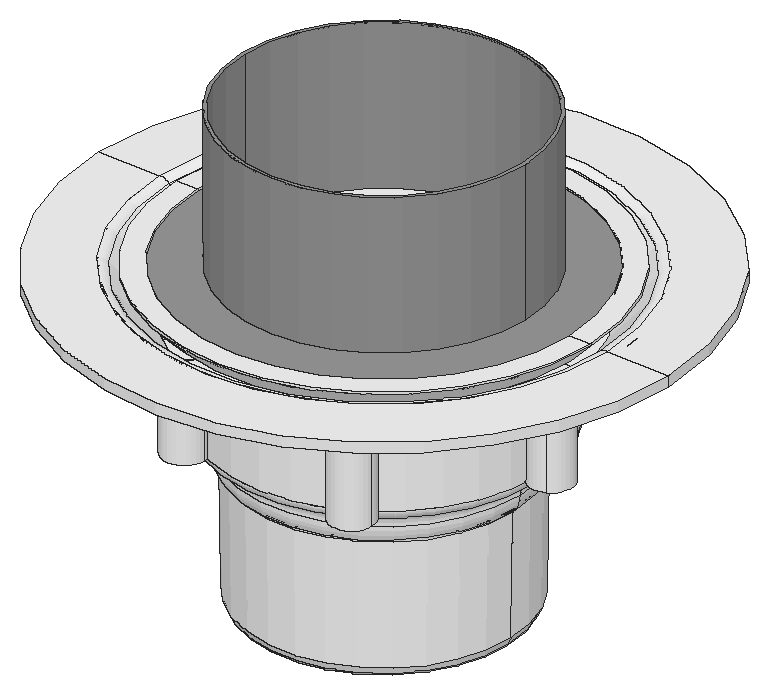
Revit family "3000.120 Down Pipe Junction", category Plumbing Fixtures, Revit 2016
Family settings
  Part Type = Normal
  Round Connector Dimension = Use Diameter
  OmniClass Number = 23.13.41.39
  OmniClass Title = Roof Drains
  Work Plane-Based = No
  Always vertical = Yes
  Cut with Voids When Loaded = No
  Shared = No
  Room Calculation Point = No
Parameters (values of type "100x100")
  Waste Connection = yes
  Vent Connection = no
  URL = "www.aquaknight.co.nz"
  Phone = "+6498322214"  # constant formula
  Model = "3000.120"
  Manufacturer = "Aquanight Industries Ltd"  # constant formula
  HW Connection = no
  Email = "info@aquaknight.co.nz"  # constant formula
  Description = "DownPipe Junction 100xDWV100 un-vented"
  Connector Diameter = 100 mm
  CW Connection = no
Reference planes
  plane 1 "Center (Front/Back)": y = 0
  plane 2: z = 0
  plane 3 "Center (Left/Right)": x = 0
  plane 4: z = -95.977
Forms (mm)
  Revolve 1, solid, material "Plastic, Glossy White"
    sketch origin (0, 0, -4) x (1, 0, 0) y (0, 0, 1)
      loop
        line (72.865, -12.5) -> (58.75, -12.5) -> (58.418, -50.494)
        arc (58.418, -50.494) -> (53.232, -54.057) -> (51.2, -60.012) r 10
        arc (51.2, -60.012) -> (50.803, -62.433) -> (49.691, -64.62) r 8
        arc (49.691, -64.62) -> (48.861, -66.247) -> (48.559, -68.049) r 6
        line (48.559, -68.049) -> (47.921, -116.857) -> (48.914, -116.857)
        arc (48.914, -116.857) -> (49.738, -116.608) -> (50.29, -115.946) r 1.5
        line (50.29, -115.946) -> (51.4, -113.357) -> (52, -67.475)
        arc (52, -67.475) -> (52.489, -66.329) -> (53.642, -65.857) r 1.642
        arc (53.642, -65.857) -> (54.791, -63.051) -> (55.2, -60.047) r 12
        arc (55.2, -60.047) -> (56.482, -56.392) -> (59.73, -54.282) r 6
        arc (59.73, -54.282) -> (61.906, -52.862) -> (62.75, -50.404) r 4
        line (62.75, -50.404) -> (62.75, -19.5) -> (74.07, -19.5)
        arc (74.07, -19.5) -> (76.898, -18.328) -> (78.07, -15.5) r 4
        line (78.07, -15.5) -> (78.07, -13.768)
        arc (78.07, -13.768) -> (78.244, -12.852) -> (78.742, -12.063) r 2.5
        line (78.742, -12.063) -> (89.249, -0.795)
        arc (89.249, -0.795) -> (90.081, -0.207) -> (91.078, 0) r 2.5
        line (91.078, 0) -> (115, 0) -> (115, 4) -> (90.425, 4)
        arc (90.425, 4) -> (88.432, 3.585) -> (86.769, 2.41) r 5
        line (86.769, 2.41) -> (72.865, -12.5)
      loop
        line (36.5, -4.5) -> (75.5, -4.5) -> (83.653, 3.653) -> (83.653, 4.5) -> (75.25, 4.5) -> (75.25, 0) -> (36.5, 0) -> (36.5, -4.5)
      axis (0, 4.5) -> (0, -116.857)
    angle from 0 to 360
  Extrusion 2, solid, material "Plastic, Glossy White", detail levels fine
    sketch origin (0, 0, -4) x (1, 0, 0) y (0, 1, 0)
      loop
        circle (67.55, 0) r 8.2
      loop
        circle (33.775, 58.5) r 8.2
      loop
        circle (33.775, -58.5) r 8.2
      loop
        circle (-67.55, 0) r 8.2
      loop
        circle (-33.775, 58.5) r 8.2
      loop
        circle (-33.775, -58.5) r 8.2
    from -50.494 to -12.5
  Extrusion 3, solid, material "Stainless Steel", detail levels medium+fine
    sketch origin (0.24, -279.02, 0) x (1, 0, 0) y (0, 1, 0)
      loop
        circle (0, 279.02) r 75.25
      loop
        circle (-0.24, 279.02) r 57.2
    from -4 to 0
  Extrusion 4, solid, material "Stainless Steel"
    sketch origin (0, 0, 0) x (1, 0, 0) y (0, 1, 0)
      loop
        circle (0, 0) r 57.2
      loop
        circle (0, 0) r 56
    from -16.5 to 56
Lines and regions (mm)
  model lines, detail levels fine
    curve 1: circle (53.5, 92.665, 0) r 4.5 normal (0, 0, 1)
    curve 2: circle (107, 0, 0) r 4.5 normal (0, 0, -1)
    curve 3: circle (53.5, -92.665, 0) r 4.5 normal (0, 0, -1)
    curve 4: circle (-53.5, 92.665, 0) r 4.5 normal (0, 0, -1)
    curve 5: circle (-107, 0, 0) r 4.5 normal (0, 0, 1)
    curve 6: circle (-53.5, -92.665, 0) r 4.5 normal (0, 0, 1)
Dimensions and locks
  locked: level to plane 4 at 95.977
  locked: connector elem to plane 1 "Center (Front/Back)" at 0
  locked: connector elem to plane 3 "Center (Left/Right)" at 0
  aligned and locked: level to plane 2
Connectors
  piping at (0, 0, -95.977), diameter 100, driven by "Connector Diameter"
    settings: on plane 4, index 1, connector inside diameter 609.6 mm, connector length 0 mm, flow factor 0, pipe flow 0.0 L/s, pressure drop 0.0 Pa, fitting loss kfactor 0, connector angle 0.00°, fixture units 0, engagement length 0 mm, angle of deflection 0.00°, flow configuration 0, flow direction 0, fitting loss method 0, system type 28, joint type 0, gender type 0, connector reference index -1, connector utility 0, adjustable connector no, is connector primary yes, connector description ""
